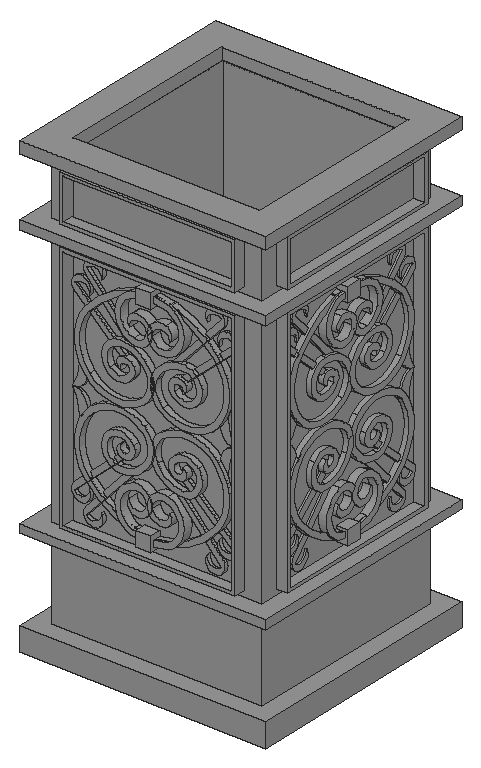
Revit family "Урна чугунная «Черниговская» Арт 15202", category Антураж, Revit 2018 (continued)
Automatic sketch dimensions
  Extrusion 27 sketch curve to Extrusion 27 sketch curve = 0.041 mm
  plane 6 to Extrusion 27 sketch curve = 280.08 mm
  Extrusion 27 sketch curve to Extrusion 27 sketch curve = 1.338 mm
  Extrusion 27 sketch curve to Extrusion 27 sketch curve = 6.679 mm
  plane 6 to Extrusion 27 sketch curve = 260.473 mm
  Extrusion 27 sketch curve to Extrusion 27 sketch curve = 15.967 mm
  Extrusion 27 sketch curve to Extrusion 27 sketch curve = 14.779 mm
  Extrusion 27 sketch curve to Extrusion 27 sketch curve = 1.986 mm
  Extrusion 27 sketch curve to Extrusion 27 sketch curve = 2.862 mm
  Extrusion 27 sketch curve to Extrusion 27 sketch curve = 6.452 mm
  Extrusion 27 sketch curve to Extrusion 27 sketch curve = 2.122 mm
  Extrusion 27 sketch curve to Extrusion 27 sketch curve = 7.192 mm
  Extrusion 27 sketch curve to Extrusion 27 sketch curve = 0.898 mm
  Extrusion 27 sketch curve to Extrusion 27 sketch curve = 8.092 mm
  Extrusion 27 sketch curve to Extrusion 27 sketch curve = 23.853 mm
  Extrusion 28 sketch curve to level = 220.915 mm
  plane 1 "По центру (Вперед/Назад)" to Extrusion 28 sketch curve = 202.5 mm
  Extrusion 28 sketch curve to Extrusion 28 sketch curve = 25 mm  (x2)
  Extrusion 29 sketch curve to Extrusion 29 sketch curve = 0 mm  (x11)
  Extrusion 29 sketch curve to level = 278.46 mm
  plane 1 "По центру (Вперед/Назад)" to Extrusion 29 sketch curve = 184.751 mm
  Extrusion 29 sketch curve to Extrusion 29 sketch curve = 0.633 mm
  Extrusion 29 sketch curve to Extrusion 29 sketch curve = 2.372 mm
  Extrusion 29 sketch curve to Extrusion 29 sketch curve = 5.824 mm
  Extrusion 29 sketch curve to Extrusion 29 sketch curve = 12.454 mm
  Extrusion 29 sketch curve to Extrusion 29 sketch curve = 29.04 mm
  Extrusion 29 sketch curve to Extrusion 29 sketch curve = 8.735 mm
  Extrusion 29 sketch curve to Extrusion 29 sketch curve = 0.042 mm
  Extrusion 29 sketch curve to Extrusion 29 sketch curve = 97.921 mm
  Extrusion 29 sketch curve to Extrusion 29 sketch curve = 6.282 mm
  Extrusion 29 sketch curve to Extrusion 29 sketch curve = 34.487 mm
  Extrusion 29 sketch curve to Extrusion 29 sketch curve = 9.617 mm
  Extrusion 29 sketch curve to Extrusion 29 sketch curve = 10.522 mm
  Extrusion 29 sketch curve to Extrusion 29 sketch curve = 5.369 mm
  Extrusion 29 sketch curve to Extrusion 29 sketch curve = 3.121 mm
  Extrusion 29 sketch curve to Extrusion 29 sketch curve = 11.723 mm
  Extrusion 30 sketch curve to Extrusion 30 sketch curve = 0 mm  (x25)
  Extrusion 30 sketch curve to level = 345.807 mm
  plane 1 "По центру (Вперед/Назад)" to Extrusion 30 sketch curve = 149.753 mm
  Extrusion 30 sketch curve to Extrusion 30 sketch curve = 2.264 mm
  Extrusion 30 sketch curve to Extrusion 30 sketch curve = 2.333 mm
  Extrusion 30 sketch curve to Extrusion 30 sketch curve = 3.575 mm
  Extrusion 30 sketch curve to Extrusion 30 sketch curve = 4.351 mm
  Extrusion 30 sketch curve to Extrusion 30 sketch curve = 4.85 mm
  Extrusion 30 sketch curve to Extrusion 30 sketch curve = 3.57 mm
  Extrusion 30 sketch curve to Extrusion 30 sketch curve = 5.249 mm
  Extrusion 30 sketch curve to Extrusion 30 sketch curve = 43.828 mm
  Extrusion 30 sketch curve to Extrusion 30 sketch curve = 49.275 mm
  Extrusion 30 sketch curve to Extrusion 30 sketch curve = 3.4 mm
  Extrusion 30 sketch curve to Extrusion 30 sketch curve = 1.891 mm
  Extrusion 30 sketch curve to Extrusion 30 sketch curve = 2.121 mm
  Extrusion 30 sketch curve to Extrusion 30 sketch curve = 5.937 mm
  Extrusion 30 sketch curve to Extrusion 30 sketch curve = 10.303 mm
  Extrusion 30 sketch curve to Extrusion 30 sketch curve = 5.504 mm
  Extrusion 30 sketch curve to Extrusion 30 sketch curve = 17.549 mm
  Extrusion 30 sketch curve to Extrusion 30 sketch curve = 11.113 mm
  Extrusion 30 sketch curve to Extrusion 30 sketch curve = 100.401 mm
  Extrusion 30 sketch curve to Extrusion 30 sketch curve = 9.617 mm
  Extrusion 30 sketch curve to Extrusion 30 sketch curve = 15.274 mm
  Extrusion 30 sketch curve to Extrusion 30 sketch curve = 7.441 mm
  Extrusion 30 sketch curve to Extrusion 30 sketch curve = 27.201 mm
  Extrusion 30 sketch curve to Extrusion 30 sketch curve = 7.419 mm
  Extrusion 30 sketch curve to Extrusion 30 sketch curve = 3.617 mm
  Extrusion 30 sketch curve to Extrusion 30 sketch curve = 6.601 mm
  Extrusion 31 sketch curve to level = 378.319 mm
  plane 1 "По центру (Вперед/Назад)" to Extrusion 31 sketch curve = 9.083 mm
  Extrusion 31 sketch curve to level = 271.406 mm
  Extrusion 31 sketch curve to Extrusion 31 sketch curve = 61.176 mm
  Extrusion 31 sketch curve to Extrusion 31 sketch curve = 61.747 mm
  Extrusion 31 sketch curve to level = 260.329 mm
  Extrusion 31 sketch curve to Extrusion 31 sketch curve = 2.027 mm
  Extrusion 31 sketch curve to Extrusion 31 sketch curve = 13.364 mm
  Extrusion 31 sketch curve to Extrusion 31 sketch curve = 0.17 mm
  Extrusion 31 sketch curve to level = 241.214 mm
  Extrusion 31 sketch curve to Extrusion 31 sketch curve = 7.163 mm
  Extrusion 31 sketch curve to level = 229.324 mm
  Extrusion 31 sketch curve to Extrusion 31 sketch curve = 2.182 mm
  Extrusion 31 sketch curve to Extrusion 31 sketch curve = 12.798 mm
  Extrusion 31 sketch curve to Extrusion 31 sketch curve = 0.736 mm
  Extrusion 31 sketch curve to level = 344.271 mm
  Extrusion 31 sketch curve to Extrusion 31 sketch curve = 80.062 mm
  Extrusion 31 sketch curve to Extrusion 31 sketch curve = 4.7 mm
  Extrusion 31 sketch curve to Extrusion 31 sketch curve = 8.308 mm
  Extrusion 31 sketch curve to level = 317.053 mm
  Extrusion 31 sketch curve to Extrusion 31 sketch curve = 0.041 mm
  Extrusion 31 sketch curve to level = 340.08 mm
  Extrusion 31 sketch curve to Extrusion 31 sketch curve = 1.338 mm
  Extrusion 31 sketch curve to Extrusion 31 sketch curve = 6.679 mm
  Extrusion 31 sketch curve to level = 320.473 mm
  Extrusion 31 sketch curve to Extrusion 31 sketch curve = 15.967 mm
  Extrusion 31 sketch curve to Extrusion 31 sketch curve = 14.779 mm
  Extrusion 31 sketch curve to Extrusion 31 sketch curve = 1.986 mm
  Extrusion 31 sketch curve to Extrusion 31 sketch curve = 2.862 mm
  Extrusion 31 sketch curve to Extrusion 31 sketch curve = 6.452 mm
  Extrusion 31 sketch curve to Extrusion 31 sketch curve = 2.122 mm
  Extrusion 31 sketch curve to Extrusion 31 sketch curve = 7.192 mm
  Extrusion 31 sketch curve to Extrusion 31 sketch curve = 0.898 mm
  Extrusion 31 sketch curve to Extrusion 31 sketch curve = 8.092 mm
  Extrusion 31 sketch curve to Extrusion 31 sketch curve = 23.853 mm
  Extrusion 32 sketch curve to Extrusion 32 sketch curve = 0 mm  (x11)
  level to Extrusion 32 sketch curve = 278.46 mm
  Extrusion 32 sketch curve to plane 1 "По центру (Вперед/Назад)" = 230.249 mm
  Extrusion 32 sketch curve to Extrusion 32 sketch curve = 0.633 mm
  Extrusion 32 sketch curve to Extrusion 32 sketch curve = 2.372 mm
  Extrusion 32 sketch curve to Extrusion 32 sketch curve = 5.824 mm
  Extrusion 32 sketch curve to Extrusion 32 sketch curve = 12.454 mm
  Extrusion 32 sketch curve to Extrusion 32 sketch curve = 29.04 mm
  Extrusion 32 sketch curve to Extrusion 32 sketch curve = 8.735 mm
  Extrusion 32 sketch curve to Extrusion 32 sketch curve = 0.042 mm
  Extrusion 32 sketch curve to Extrusion 32 sketch curve = 97.921 mm
  Extrusion 32 sketch curve to Extrusion 32 sketch curve = 6.282 mm
  Extrusion 32 sketch curve to Extrusion 32 sketch curve = 34.487 mm
  Extrusion 32 sketch curve to Extrusion 32 sketch curve = 9.617 mm
  Extrusion 32 sketch curve to Extrusion 32 sketch curve = 10.522 mm
  Extrusion 32 sketch curve to Extrusion 32 sketch curve = 5.369 mm
  Extrusion 32 sketch curve to Extrusion 32 sketch curve = 3.121 mm
  Extrusion 32 sketch curve to Extrusion 32 sketch curve = 11.723 mm
  Extrusion 33 sketch curve to Extrusion 33 sketch curve = 0 mm  (x25)
  level to Extrusion 33 sketch curve = 345.807 mm
  Extrusion 33 sketch curve to plane 1 "По центру (Вперед/Назад)" = 265.247 mm
  Extrusion 33 sketch curve to Extrusion 33 sketch curve = 2.264 mm
  Extrusion 33 sketch curve to Extrusion 33 sketch curve = 2.333 mm
  Extrusion 33 sketch curve to Extrusion 33 sketch curve = 3.575 mm
  Extrusion 33 sketch curve to Extrusion 33 sketch curve = 4.351 mm
  Extrusion 33 sketch curve to Extrusion 33 sketch curve = 4.85 mm
  Extrusion 33 sketch curve to Extrusion 33 sketch curve = 3.57 mm
  Extrusion 33 sketch curve to Extrusion 33 sketch curve = 5.249 mm
  Extrusion 33 sketch curve to Extrusion 33 sketch curve = 43.828 mm
  Extrusion 33 sketch curve to Extrusion 33 sketch curve = 49.275 mm
  Extrusion 33 sketch curve to Extrusion 33 sketch curve = 3.4 mm
  Extrusion 33 sketch curve to Extrusion 33 sketch curve = 1.891 mm
  Extrusion 33 sketch curve to Extrusion 33 sketch curve = 2.121 mm
  Extrusion 33 sketch curve to Extrusion 33 sketch curve = 5.937 mm
  Extrusion 33 sketch curve to Extrusion 33 sketch curve = 10.303 mm
  Extrusion 33 sketch curve to Extrusion 33 sketch curve = 5.504 mm
  Extrusion 33 sketch curve to Extrusion 33 sketch curve = 17.549 mm
  Extrusion 33 sketch curve to Extrusion 33 sketch curve = 11.113 mm
  Extrusion 33 sketch curve to Extrusion 33 sketch curve = 100.401 mm
  Extrusion 33 sketch curve to Extrusion 33 sketch curve = 9.617 mm
  Extrusion 33 sketch curve to Extrusion 33 sketch curve = 15.274 mm
  Extrusion 33 sketch curve to Extrusion 33 sketch curve = 7.441 mm
  Extrusion 33 sketch curve to Extrusion 33 sketch curve = 27.201 mm
  Extrusion 33 sketch curve to Extrusion 33 sketch curve = 7.419 mm
  Extrusion 33 sketch curve to Extrusion 33 sketch curve = 3.617 mm
  Extrusion 33 sketch curve to Extrusion 33 sketch curve = 6.601 mm
  level to Extrusion 34 sketch curve = 378.319 mm
  Extrusion 34 sketch curve to plane 1 "По центру (Вперед/Назад)" = 405.917 mm
  level to Extrusion 34 sketch curve = 271.406 mm
  Extrusion 34 sketch curve to Extrusion 34 sketch curve = 61.176 mm
  Extrusion 34 sketch curve to Extrusion 34 sketch curve = 61.747 mm
  level to Extrusion 34 sketch curve = 260.329 mm
  Extrusion 34 sketch curve to Extrusion 34 sketch curve = 2.027 mm
  Extrusion 34 sketch curve to Extrusion 34 sketch curve = 13.364 mm
  Extrusion 34 sketch curve to Extrusion 34 sketch curve = 0.17 mm
  level to Extrusion 34 sketch curve = 241.214 mm
  Extrusion 34 sketch curve to Extrusion 34 sketch curve = 7.163 mm
  level to Extrusion 34 sketch curve = 229.324 mm
  Extrusion 34 sketch curve to Extrusion 34 sketch curve = 2.182 mm
  Extrusion 34 sketch curve to Extrusion 34 sketch curve = 12.798 mm
  Extrusion 34 sketch curve to Extrusion 34 sketch curve = 0.736 mm
  level to Extrusion 34 sketch curve = 344.271 mm
  Extrusion 34 sketch curve to Extrusion 34 sketch curve = 80.062 mm
  Extrusion 34 sketch curve to Extrusion 34 sketch curve = 4.7 mm
  Extrusion 34 sketch curve to Extrusion 34 sketch curve = 8.308 mm
  level to Extrusion 34 sketch curve = 317.053 mm
  Extrusion 34 sketch curve to Extrusion 34 sketch curve = 0.041 mm
  level to Extrusion 34 sketch curve = 340.08 mm
  Extrusion 34 sketch curve to Extrusion 34 sketch curve = 1.338 mm
  Extrusion 34 sketch curve to Extrusion 34 sketch curve = 6.679 mm
  level to Extrusion 34 sketch curve = 320.473 mm
  Extrusion 34 sketch curve to Extrusion 34 sketch curve = 15.967 mm
  Extrusion 34 sketch curve to Extrusion 34 sketch curve = 14.779 mm
  Extrusion 34 sketch curve to Extrusion 34 sketch curve = 1.986 mm
  Extrusion 34 sketch curve to Extrusion 34 sketch curve = 2.862 mm
  Extrusion 34 sketch curve to Extrusion 34 sketch curve = 6.452 mm
  Extrusion 34 sketch curve to Extrusion 34 sketch curve = 2.122 mm
  Extrusion 34 sketch curve to Extrusion 34 sketch curve = 7.192 mm
  Extrusion 34 sketch curve to Extrusion 34 sketch curve = 0.898 mm
  Extrusion 34 sketch curve to Extrusion 34 sketch curve = 8.092 mm
  Extrusion 34 sketch curve to Extrusion 34 sketch curve = 23.853 mm
  Extrusion 35 sketch curve to plane 5 = 60 mm  (x2)
  Extrusion 35 sketch curve to Extrusion 35 sketch curve = 5 mm  (x8)
  Extrusion 35 sketch curve to plane 1 "По центру (Вперед/Назад)" = 65 mm  (x2)
  level to Extrusion 35 sketch curve = 205 mm
  Extrusion 35 sketch curve to plane 6 = 150 mm
  Extrusion 35 sketch curve to Extrusion 35 sketch curve = 35 mm
  Extrusion 35 sketch curve to plane 6 = 35 mm
  Extrusion 36 sketch curve to plane 5 = 202.5 mm
  Extrusion 36 sketch curve to Extrusion 36 sketch curve = 25 mm  (x2)
  Extrusion 36 sketch curve to plane 6 = 185.915 mm
  Extrusion 37 sketch curve to Extrusion 37 sketch curve = 0 mm  (x11)
  Extrusion 37 sketch curve to plane 5 = 184.751 mm
  Extrusion 37 sketch curve to Extrusion 37 sketch curve = 0.633 mm
  Extrusion 37 sketch curve to Extrusion 37 sketch curve = 2.372 mm
  Extrusion 37 sketch curve to Extrusion 37 sketch curve = 5.824 mm
  Extrusion 37 sketch curve to Extrusion 37 sketch curve = 12.454 mm
  Extrusion 37 sketch curve to Extrusion 37 sketch curve = 29.04 mm
  Extrusion 37 sketch curve to plane 6 = 325.117 mm
  Extrusion 37 sketch curve to Extrusion 37 sketch curve = 97.879 mm
  Extrusion 37 sketch curve to Extrusion 37 sketch curve = 0.042 mm
  Extrusion 37 sketch curve to Extrusion 37 sketch curve = 8.778 mm
  Extrusion 37 sketch curve to Extrusion 37 sketch curve = 6.282 mm
  Extrusion 37 sketch curve to Extrusion 37 sketch curve = 34.487 mm
  Extrusion 37 sketch curve to Extrusion 37 sketch curve = 9.617 mm
  Extrusion 37 sketch curve to Extrusion 37 sketch curve = 10.522 mm
  Extrusion 37 sketch curve to Extrusion 37 sketch curve = 5.369 mm
  Extrusion 37 sketch curve to Extrusion 37 sketch curve = 3.121 mm
  Extrusion 37 sketch curve to Extrusion 37 sketch curve = 11.723 mm
  Extrusion 38 sketch curve to Extrusion 38 sketch curve = 0 mm  (x25)
  Extrusion 38 sketch curve to plane 5 = 149.753 mm
  Extrusion 38 sketch curve to Extrusion 38 sketch curve = 2.264 mm
  Extrusion 38 sketch curve to Extrusion 38 sketch curve = 2.333 mm
  Extrusion 38 sketch curve to Extrusion 38 sketch curve = 3.575 mm
  Extrusion 38 sketch curve to Extrusion 38 sketch curve = 4.351 mm
  Extrusion 38 sketch curve to Extrusion 38 sketch curve = 4.85 mm
  Extrusion 38 sketch curve to Extrusion 38 sketch curve = 3.57 mm
  Extrusion 38 sketch curve to Extrusion 38 sketch curve = 5.249 mm
  Extrusion 38 sketch curve to Extrusion 38 sketch curve = 43.828 mm
  Extrusion 38 sketch curve to Extrusion 38 sketch curve = 49.275 mm
  Extrusion 38 sketch curve to plane 6 = 325.117 mm
  Extrusion 38 sketch curve to Extrusion 38 sketch curve = 12.045 mm
  Extrusion 38 sketch curve to Extrusion 38 sketch curve = 5.504 mm
  Extrusion 38 sketch curve to Extrusion 38 sketch curve = 10.303 mm
  Extrusion 38 sketch curve to Extrusion 38 sketch curve = 5.937 mm
  Extrusion 38 sketch curve to Extrusion 38 sketch curve = 0.23 mm
  Extrusion 38 sketch curve to Extrusion 38 sketch curve = 1.891 mm
  Extrusion 38 sketch curve to Extrusion 38 sketch curve = 3.4 mm
  Extrusion 38 sketch curve to Extrusion 38 sketch curve = 11.113 mm
  Extrusion 38 sketch curve to Extrusion 38 sketch curve = 100.401 mm
  Extrusion 38 sketch curve to Extrusion 38 sketch curve = 9.617 mm
  Extrusion 38 sketch curve to Extrusion 38 sketch curve = 15.274 mm
  Extrusion 38 sketch curve to Extrusion 38 sketch curve = 7.441 mm
  Extrusion 38 sketch curve to Extrusion 38 sketch curve = 27.201 mm
  Extrusion 38 sketch curve to Extrusion 38 sketch curve = 7.419 mm
  Extrusion 38 sketch curve to Extrusion 38 sketch curve = 3.617 mm
  Extrusion 38 sketch curve to Extrusion 38 sketch curve = 6.601 mm
  Extrusion 39 sketch curve to plane 5 = 9.083 mm
  Extrusion 39 sketch curve to plane 5 = 70.26 mm
  Extrusion 39 sketch curve to Extrusion 39 sketch curve = 61.747 mm
  Extrusion 39 sketch curve to Extrusion 39 sketch curve = 2.027 mm
  Extrusion 39 sketch curve to Extrusion 39 sketch curve = 13.364 mm
  Extrusion 39 sketch curve to Extrusion 39 sketch curve = 0.17 mm
  Extrusion 39 sketch curve to Extrusion 39 sketch curve = 7.163 mm
  Extrusion 39 sketch curve to Extrusion 39 sketch curve = 2.182 mm
  Extrusion 39 sketch curve to Extrusion 39 sketch curve = 12.798 mm
  Extrusion 39 sketch curve to Extrusion 39 sketch curve = 0.736 mm
  Extrusion 39 sketch curve to Extrusion 39 sketch curve = 80.062 mm
  Extrusion 39 sketch curve to Extrusion 39 sketch curve = 4.7 mm
  Extrusion 39 sketch curve to Extrusion 39 sketch curve = 8.308 mm
  Extrusion 39 sketch curve to Extrusion 39 sketch curve = 0.041 mm
  Extrusion 39 sketch curve to Extrusion 39 sketch curve = 1.338 mm
  Extrusion 39 sketch curve to Extrusion 39 sketch curve = 6.679 mm
  Extrusion 39 sketch curve to Extrusion 39 sketch curve = 15.967 mm
  Extrusion 39 sketch curve to plane 6 = 333.098 mm
  Extrusion 39 sketch curve to Extrusion 39 sketch curve = 14.779 mm
  Extrusion 39 sketch curve to Extrusion 39 sketch curve = 20.026 mm
  Extrusion 39 sketch curve to Extrusion 39 sketch curve = 15.807 mm
  Extrusion 39 sketch curve to Extrusion 39 sketch curve = 12.994 mm
  Extrusion 39 sketch curve to Extrusion 39 sketch curve = 1.986 mm
  Extrusion 39 sketch curve to Extrusion 39 sketch curve = 17.621 mm
  Extrusion 39 sketch curve to Extrusion 39 sketch curve = 45.647 mm
  Extrusion 39 sketch curve to Extrusion 39 sketch curve = 2.862 mm
  Extrusion 39 sketch curve to Extrusion 39 sketch curve = 6.452 mm
  Extrusion 39 sketch curve to Extrusion 39 sketch curve = 11.077 mm
  Extrusion 39 sketch curve to Extrusion 39 sketch curve = 20.878 mm
  Extrusion 39 sketch curve to Extrusion 39 sketch curve = 2.122 mm
  Extrusion 39 sketch curve to Extrusion 39 sketch curve = 7.192 mm
  Extrusion 39 sketch curve to Extrusion 39 sketch curve = 2.576 mm
  Extrusion 39 sketch curve to Extrusion 39 sketch curve = 0.898 mm
  Extrusion 39 sketch curve to Extrusion 39 sketch curve = 8.092 mm
  Extrusion 39 sketch curve to Extrusion 39 sketch curve = 23.853 mm
  Extrusion 40 sketch curve to Extrusion 40 sketch curve = 0 mm  (x11)
  Extrusion 40 sketch curve to plane 1 "По центру (Вперед/Назад)" = 184.751 mm
  Extrusion 40 sketch curve to Extrusion 40 sketch curve = 0.633 mm
  Extrusion 40 sketch curve to Extrusion 40 sketch curve = 2.372 mm
  Extrusion 40 sketch curve to Extrusion 40 sketch curve = 5.824 mm
  Extrusion 40 sketch curve to Extrusion 40 sketch curve = 12.454 mm
  Extrusion 40 sketch curve to Extrusion 40 sketch curve = 29.04 mm
  Extrusion 40 sketch curve to plane 6 = 168.076 mm
  Extrusion 40 sketch curve to Extrusion 40 sketch curve = 9.617 mm
  Extrusion 40 sketch curve to Extrusion 40 sketch curve = 34.487 mm
  Extrusion 40 sketch curve to Extrusion 40 sketch curve = 6.282 mm
  Extrusion 40 sketch curve to Extrusion 40 sketch curve = 8.735 mm
  Extrusion 40 sketch curve to Extrusion 40 sketch curve = 0.042 mm
  Extrusion 40 sketch curve to Extrusion 40 sketch curve = 97.921 mm
  Extrusion 40 sketch curve to Extrusion 40 sketch curve = 10.522 mm
  Extrusion 40 sketch curve to Extrusion 40 sketch curve = 5.369 mm
  Extrusion 40 sketch curve to Extrusion 40 sketch curve = 3.121 mm
  Extrusion 40 sketch curve to Extrusion 40 sketch curve = 11.723 mm
  Extrusion 41 sketch curve to Extrusion 41 sketch curve = 0 mm  (x25)
  Extrusion 41 sketch curve to plane 1 "По центру (Вперед/Назад)" = 149.753 mm
  Extrusion 41 sketch curve to Extrusion 41 sketch curve = 2.264 mm
  Extrusion 41 sketch curve to Extrusion 41 sketch curve = 2.333 mm
  Extrusion 41 sketch curve to Extrusion 41 sketch curve = 3.575 mm
  Extrusion 41 sketch curve to Extrusion 41 sketch curve = 4.351 mm
  Extrusion 41 sketch curve to Extrusion 41 sketch curve = 4.85 mm
  Extrusion 41 sketch curve to Extrusion 41 sketch curve = 3.57 mm
  Extrusion 41 sketch curve to Extrusion 41 sketch curve = 5.249 mm
  Extrusion 41 sketch curve to Extrusion 41 sketch curve = 43.828 mm
  Extrusion 41 sketch curve to Extrusion 41 sketch curve = 49.275 mm
  Extrusion 41 sketch curve to plane 6 = 168.076 mm
  Extrusion 41 sketch curve to Extrusion 41 sketch curve = 9.617 mm
  Extrusion 41 sketch curve to Extrusion 41 sketch curve = 100.401 mm
  Extrusion 41 sketch curve to Extrusion 41 sketch curve = 7.713 mm
  Extrusion 41 sketch curve to Extrusion 41 sketch curve = 3.4 mm
  Extrusion 41 sketch curve to Extrusion 41 sketch curve = 1.891 mm
  Extrusion 41 sketch curve to Extrusion 41 sketch curve = 2.121 mm
  Extrusion 41 sketch curve to Extrusion 41 sketch curve = 5.937 mm
  Extrusion 41 sketch curve to Extrusion 41 sketch curve = 10.303 mm
  Extrusion 41 sketch curve to Extrusion 41 sketch curve = 5.504 mm
  Extrusion 41 sketch curve to Extrusion 41 sketch curve = 17.549 mm
  Extrusion 41 sketch curve to Extrusion 41 sketch curve = 15.274 mm
  Extrusion 41 sketch curve to Extrusion 41 sketch curve = 7.441 mm
  Extrusion 41 sketch curve to Extrusion 41 sketch curve = 27.201 mm
  Extrusion 41 sketch curve to Extrusion 41 sketch curve = 7.419 mm
  Extrusion 41 sketch curve to Extrusion 41 sketch curve = 3.617 mm
  Extrusion 41 sketch curve to Extrusion 41 sketch curve = 6.601 mm
  Extrusion 42 sketch curve to plane 1 "По центру (Вперед/Назад)" = 9.083 mm
  Extrusion 42 sketch curve to plane 1 "По центру (Вперед/Назад)" = 70.26 mm
  Extrusion 42 sketch curve to Extrusion 42 sketch curve = 61.747 mm
  Extrusion 42 sketch curve to Extrusion 42 sketch curve = 2.027 mm
  Extrusion 42 sketch curve to Extrusion 42 sketch curve = 13.364 mm
  Extrusion 42 sketch curve to Extrusion 42 sketch curve = 0.17 mm
  Extrusion 42 sketch curve to Extrusion 42 sketch curve = 7.163 mm
  Extrusion 42 sketch curve to Extrusion 42 sketch curve = 2.182 mm
  Extrusion 42 sketch curve to Extrusion 42 sketch curve = 12.798 mm
  Extrusion 42 sketch curve to Extrusion 42 sketch curve = 0.736 mm
  Extrusion 42 sketch curve to Extrusion 42 sketch curve = 80.062 mm
  Extrusion 42 sketch curve to Extrusion 42 sketch curve = 4.7 mm
  Extrusion 42 sketch curve to Extrusion 42 sketch curve = 8.308 mm
  Extrusion 42 sketch curve to Extrusion 42 sketch curve = 0.041 mm
  Extrusion 42 sketch curve to Extrusion 42 sketch curve = 1.338 mm
  Extrusion 42 sketch curve to Extrusion 42 sketch curve = 6.679 mm
  Extrusion 42 sketch curve to Extrusion 42 sketch curve = 15.967 mm
  Extrusion 42 sketch curve to plane 6 = 169.324 mm
  Extrusion 42 sketch curve to Extrusion 42 sketch curve = 2.576 mm
  Extrusion 42 sketch curve to Extrusion 42 sketch curve = 7.192 mm
  Extrusion 42 sketch curve to Extrusion 42 sketch curve = 11.89 mm
  Extrusion 42 sketch curve to Extrusion 42 sketch curve = 19.116 mm
  Extrusion 42 sketch curve to Extrusion 42 sketch curve = 1.762 mm
  Extrusion 42 sketch curve to Extrusion 42 sketch curve = 6.452 mm
  Extrusion 42 sketch curve to Extrusion 42 sketch curve = 11.077 mm
  Extrusion 42 sketch curve to Extrusion 42 sketch curve = 45.647 mm
  Extrusion 42 sketch curve to Extrusion 42 sketch curve = 3.42 mm
  Extrusion 42 sketch curve to Extrusion 42 sketch curve = 21.041 mm
  Extrusion 42 sketch curve to Extrusion 42 sketch curve = 1.986 mm
  Extrusion 42 sketch curve to Extrusion 42 sketch curve = 6.177 mm
  Extrusion 42 sketch curve to Extrusion 42 sketch curve = 106.913 mm
  Extrusion 42 sketch curve to Extrusion 42 sketch curve = 14.779 mm
  Extrusion 42 sketch curve to Extrusion 42 sketch curve = 0.898 mm
  Extrusion 42 sketch curve to Extrusion 42 sketch curve = 8.092 mm
  Extrusion 42 sketch curve to Extrusion 42 sketch curve = 23.853 mm
  Extrusion 43 sketch curve to plane 5 = 202.5 mm
  Extrusion 43 sketch curve to Extrusion 43 sketch curve = 25 mm  (x2)
  level to Extrusion 43 sketch curve = 220.915 mm
  Extrusion 44 sketch curve to Extrusion 44 sketch curve = 0 mm  (x11)
  Extrusion 44 sketch curve to plane 5 = 184.751 mm
  Extrusion 44 sketch curve to Extrusion 44 sketch curve = 0.633 mm
  Extrusion 44 sketch curve to Extrusion 44 sketch curve = 2.372 mm
  Extrusion 44 sketch curve to Extrusion 44 sketch curve = 5.824 mm
  Extrusion 44 sketch curve to Extrusion 44 sketch curve = 12.454 mm
  Extrusion 44 sketch curve to Extrusion 44 sketch curve = 29.04 mm
  level to Extrusion 44 sketch curve = 228.076 mm
  Extrusion 44 sketch curve to Extrusion 44 sketch curve = 9.617 mm
  Extrusion 44 sketch curve to Extrusion 44 sketch curve = 34.487 mm
  Extrusion 44 sketch curve to Extrusion 44 sketch curve = 6.282 mm
  Extrusion 44 sketch curve to Extrusion 44 sketch curve = 8.735 mm
  Extrusion 44 sketch curve to Extrusion 44 sketch curve = 0.042 mm
  Extrusion 44 sketch curve to Extrusion 44 sketch curve = 97.921 mm
  Extrusion 44 sketch curve to Extrusion 44 sketch curve = 10.522 mm
  Extrusion 44 sketch curve to Extrusion 44 sketch curve = 5.369 mm
  Extrusion 44 sketch curve to Extrusion 44 sketch curve = 3.121 mm
  Extrusion 44 sketch curve to Extrusion 44 sketch curve = 11.723 mm
  Extrusion 45 sketch curve to Extrusion 45 sketch curve = 0 mm  (x25)
  Extrusion 45 sketch curve to plane 5 = 149.753 mm
  Extrusion 45 sketch curve to Extrusion 45 sketch curve = 2.264 mm
  Extrusion 45 sketch curve to Extrusion 45 sketch curve = 2.333 mm
  Extrusion 45 sketch curve to Extrusion 45 sketch curve = 3.575 mm
  Extrusion 45 sketch curve to Extrusion 45 sketch curve = 4.351 mm
  Extrusion 45 sketch curve to Extrusion 45 sketch curve = 4.85 mm
  Extrusion 45 sketch curve to Extrusion 45 sketch curve = 3.57 mm
  Extrusion 45 sketch curve to Extrusion 45 sketch curve = 5.249 mm
  Extrusion 45 sketch curve to Extrusion 45 sketch curve = 43.828 mm
  Extrusion 45 sketch curve to Extrusion 45 sketch curve = 49.275 mm
  level to Extrusion 45 sketch curve = 228.076 mm
  Extrusion 45 sketch curve to Extrusion 45 sketch curve = 9.617 mm
  Extrusion 45 sketch curve to Extrusion 45 sketch curve = 100.401 mm
  Extrusion 45 sketch curve to Extrusion 45 sketch curve = 7.713 mm
  Extrusion 45 sketch curve to Extrusion 45 sketch curve = 3.4 mm
  Extrusion 45 sketch curve to Extrusion 45 sketch curve = 1.891 mm
  Extrusion 45 sketch curve to Extrusion 45 sketch curve = 2.121 mm
  Extrusion 45 sketch curve to Extrusion 45 sketch curve = 5.937 mm
  Extrusion 45 sketch curve to Extrusion 45 sketch curve = 10.303 mm
  Extrusion 45 sketch curve to Extrusion 45 sketch curve = 5.504 mm
  Extrusion 45 sketch curve to Extrusion 45 sketch curve = 17.549 mm
  Extrusion 45 sketch curve to Extrusion 45 sketch curve = 15.274 mm
  Extrusion 45 sketch curve to Extrusion 45 sketch curve = 7.441 mm
  Extrusion 45 sketch curve to Extrusion 45 sketch curve = 27.201 mm
  Extrusion 45 sketch curve to Extrusion 45 sketch curve = 7.419 mm
  Extrusion 45 sketch curve to Extrusion 45 sketch curve = 3.617 mm
  Extrusion 45 sketch curve to Extrusion 45 sketch curve = 6.601 mm
  Extrusion 46 sketch curve to plane 5 = 9.083 mm
  Extrusion 46 sketch curve to plane 5 = 70.26 mm
  Extrusion 46 sketch curve to Extrusion 46 sketch curve = 61.747 mm
  Extrusion 46 sketch curve to Extrusion 46 sketch curve = 2.027 mm
  Extrusion 46 sketch curve to Extrusion 46 sketch curve = 13.364 mm
  Extrusion 46 sketch curve to Extrusion 46 sketch curve = 0.17 mm
  Extrusion 46 sketch curve to Extrusion 46 sketch curve = 7.163 mm
  Extrusion 46 sketch curve to Extrusion 46 sketch curve = 2.182 mm
  Extrusion 46 sketch curve to Extrusion 46 sketch curve = 12.798 mm
  Extrusion 46 sketch curve to Extrusion 46 sketch curve = 0.736 mm
  Extrusion 46 sketch curve to Extrusion 46 sketch curve = 80.062 mm
  Extrusion 46 sketch curve to Extrusion 46 sketch curve = 4.7 mm
  Extrusion 46 sketch curve to Extrusion 46 sketch curve = 8.308 mm
  Extrusion 46 sketch curve to Extrusion 46 sketch curve = 0.041 mm
  Extrusion 46 sketch curve to Extrusion 46 sketch curve = 1.338 mm
  Extrusion 46 sketch curve to Extrusion 46 sketch curve = 6.679 mm
  Extrusion 46 sketch curve to Extrusion 46 sketch curve = 15.967 mm
  level to Extrusion 46 sketch curve = 229.324 mm
  Extrusion 46 sketch curve to Extrusion 46 sketch curve = 2.576 mm
  Extrusion 46 sketch curve to Extrusion 46 sketch curve = 7.192 mm
  Extrusion 46 sketch curve to Extrusion 46 sketch curve = 11.89 mm
  Extrusion 46 sketch curve to Extrusion 46 sketch curve = 19.116 mm
  Extrusion 46 sketch curve to Extrusion 46 sketch curve = 1.762 mm
  Extrusion 46 sketch curve to Extrusion 46 sketch curve = 6.452 mm
  Extrusion 46 sketch curve to Extrusion 46 sketch curve = 11.077 mm
  Extrusion 46 sketch curve to Extrusion 46 sketch curve = 45.647 mm
  Extrusion 46 sketch curve to Extrusion 46 sketch curve = 3.42 mm
  Extrusion 46 sketch curve to Extrusion 46 sketch curve = 21.041 mm
  Extrusion 46 sketch curve to Extrusion 46 sketch curve = 1.986 mm
  Extrusion 46 sketch curve to Extrusion 46 sketch curve = 6.177 mm
  Extrusion 46 sketch curve to Extrusion 46 sketch curve = 106.913 mm
  Extrusion 46 sketch curve to Extrusion 46 sketch curve = 14.779 mm
  Extrusion 46 sketch curve to Extrusion 46 sketch curve = 0.898 mm
  Extrusion 46 sketch curve to Extrusion 46 sketch curve = 8.092 mm
  Extrusion 46 sketch curve to Extrusion 46 sketch curve = 23.853 mm
  Extrusion 47 sketch curve to Extrusion 47 sketch curve = 0 mm  (x11)
  Extrusion 47 sketch curve to plane 1 "По центру (Вперед/Назад)" = 184.751 mm
  Extrusion 47 sketch curve to Extrusion 47 sketch curve = 0.633 mm
  Extrusion 47 sketch curve to Extrusion 47 sketch curve = 2.372 mm
  Extrusion 47 sketch curve to Extrusion 47 sketch curve = 5.824 mm
  Extrusion 47 sketch curve to Extrusion 47 sketch curve = 12.454 mm
  Extrusion 47 sketch curve to Extrusion 47 sketch curve = 29.04 mm
  level to Extrusion 47 sketch curve = 385.117 mm
  Extrusion 47 sketch curve to Extrusion 47 sketch curve = 97.879 mm
  Extrusion 47 sketch curve to Extrusion 47 sketch curve = 0.042 mm
  Extrusion 47 sketch curve to Extrusion 47 sketch curve = 8.778 mm
  Extrusion 47 sketch curve to Extrusion 47 sketch curve = 6.282 mm
  Extrusion 47 sketch curve to Extrusion 47 sketch curve = 34.487 mm
  Extrusion 47 sketch curve to Extrusion 47 sketch curve = 9.617 mm
  Extrusion 47 sketch curve to Extrusion 47 sketch curve = 10.522 mm
  Extrusion 47 sketch curve to Extrusion 47 sketch curve = 5.369 mm
  Extrusion 47 sketch curve to Extrusion 47 sketch curve = 3.121 mm
  Extrusion 47 sketch curve to Extrusion 47 sketch curve = 11.723 mm
  Extrusion 48 sketch curve to Extrusion 48 sketch curve = 0 mm  (x25)
  Extrusion 48 sketch curve to plane 1 "По центру (Вперед/Назад)" = 149.753 mm
  Extrusion 48 sketch curve to Extrusion 48 sketch curve = 2.264 mm
  Extrusion 48 sketch curve to Extrusion 48 sketch curve = 2.333 mm
  Extrusion 48 sketch curve to Extrusion 48 sketch curve = 3.575 mm
  Extrusion 48 sketch curve to Extrusion 48 sketch curve = 4.351 mm
  Extrusion 48 sketch curve to Extrusion 48 sketch curve = 4.85 mm
  Extrusion 48 sketch curve to Extrusion 48 sketch curve = 3.57 mm
  Extrusion 48 sketch curve to Extrusion 48 sketch curve = 5.249 mm
  Extrusion 48 sketch curve to Extrusion 48 sketch curve = 43.828 mm
  Extrusion 48 sketch curve to Extrusion 48 sketch curve = 49.275 mm
  level to Extrusion 48 sketch curve = 385.117 mm
  Extrusion 48 sketch curve to Extrusion 48 sketch curve = 12.045 mm
  Extrusion 48 sketch curve to Extrusion 48 sketch curve = 5.504 mm
  Extrusion 48 sketch curve to Extrusion 48 sketch curve = 10.303 mm
  Extrusion 48 sketch curve to Extrusion 48 sketch curve = 5.937 mm
  Extrusion 48 sketch curve to Extrusion 48 sketch curve = 0.23 mm
  Extrusion 48 sketch curve to Extrusion 48 sketch curve = 1.891 mm
  Extrusion 48 sketch curve to Extrusion 48 sketch curve = 3.4 mm
  Extrusion 48 sketch curve to Extrusion 48 sketch curve = 11.113 mm
  Extrusion 48 sketch curve to Extrusion 48 sketch curve = 100.401 mm
  Extrusion 48 sketch curve to Extrusion 48 sketch curve = 9.617 mm
  Extrusion 48 sketch curve to Extrusion 48 sketch curve = 15.274 mm
  Extrusion 48 sketch curve to Extrusion 48 sketch curve = 7.441 mm
  Extrusion 48 sketch curve to Extrusion 48 sketch curve = 27.201 mm
  Extrusion 48 sketch curve to Extrusion 48 sketch curve = 7.419 mm
  Extrusion 48 sketch curve to Extrusion 48 sketch curve = 3.617 mm
  Extrusion 48 sketch curve to Extrusion 48 sketch curve = 6.601 mm
  Extrusion 49 sketch curve to plane 1 "По центру (Вперед/Назад)" = 9.083 mm
  Extrusion 49 sketch curve to plane 1 "По центру (Вперед/Назад)" = 70.26 mm
  Extrusion 49 sketch curve to Extrusion 49 sketch curve = 61.747 mm
  Extrusion 49 sketch curve to Extrusion 49 sketch curve = 2.027 mm
  Extrusion 49 sketch curve to Extrusion 49 sketch curve = 13.364 mm
  Extrusion 49 sketch curve to Extrusion 49 sketch curve = 0.17 mm
  Extrusion 49 sketch curve to Extrusion 49 sketch curve = 7.163 mm
  Extrusion 49 sketch curve to Extrusion 49 sketch curve = 2.182 mm
  Extrusion 49 sketch curve to Extrusion 49 sketch curve = 12.798 mm
  Extrusion 49 sketch curve to Extrusion 49 sketch curve = 0.736 mm
  Extrusion 49 sketch curve to Extrusion 49 sketch curve = 80.062 mm
  Extrusion 49 sketch curve to Extrusion 49 sketch curve = 4.7 mm
  Extrusion 49 sketch curve to Extrusion 49 sketch curve = 8.308 mm
  Extrusion 49 sketch curve to Extrusion 49 sketch curve = 0.041 mm
  Extrusion 49 sketch curve to Extrusion 49 sketch curve = 1.338 mm
  Extrusion 49 sketch curve to Extrusion 49 sketch curve = 6.679 mm
  Extrusion 49 sketch curve to Extrusion 49 sketch curve = 15.967 mm
  Extrusion 49 sketch curve to plane 6 = 381.902 mm
  Extrusion 49 sketch curve to Extrusion 49 sketch curve = 14.779 mm
  Extrusion 49 sketch curve to Extrusion 49 sketch curve = 20.026 mm
  Extrusion 49 sketch curve to Extrusion 49 sketch curve = 15.807 mm
  Extrusion 49 sketch curve to Extrusion 49 sketch curve = 12.994 mm
  Extrusion 49 sketch curve to Extrusion 49 sketch curve = 1.986 mm
  Extrusion 49 sketch curve to Extrusion 49 sketch curve = 17.621 mm
  Extrusion 49 sketch curve to Extrusion 49 sketch curve = 45.647 mm
  Extrusion 49 sketch curve to Extrusion 49 sketch curve = 2.862 mm
  Extrusion 49 sketch curve to Extrusion 49 sketch curve = 6.452 mm
  Extrusion 49 sketch curve to Extrusion 49 sketch curve = 11.077 mm
  Extrusion 49 sketch curve to Extrusion 49 sketch curve = 20.878 mm
  Extrusion 49 sketch curve to Extrusion 49 sketch curve = 2.122 mm
  Extrusion 49 sketch curve to Extrusion 49 sketch curve = 7.192 mm
  Extrusion 49 sketch curve to Extrusion 49 sketch curve = 2.576 mm
  Extrusion 49 sketch curve to Extrusion 49 sketch curve = 0.898 mm
  Extrusion 49 sketch curve to Extrusion 49 sketch curve = 8.092 mm
  Extrusion 49 sketch curve to Extrusion 49 sketch curve = 23.853 mm
  Extrusion 50 sketch curve to plane 4 = 60 mm  (x2)
  Extrusion 50 sketch curve to Extrusion 50 sketch curve = 5 mm  (x8)
  plane 3 "По центру (Влево/Вправо)" to Extrusion 50 sketch curve = 65 mm  (x2)
  level to Extrusion 50 sketch curve = 205 mm
  Extrusion 50 sketch curve to plane 6 = 150 mm
  Extrusion 50 sketch curve to Extrusion 50 sketch curve = 35 mm
  Extrusion 50 sketch curve to plane 6 = 35 mm
  Extrusion 51 sketch curve to plane 4 = 202.5 mm
  Extrusion 51 sketch curve to Extrusion 51 sketch curve = 25 mm  (x2)
  Extrusion 51 sketch curve to plane 6 = 185.915 mm
  Extrusion 52 sketch curve to Extrusion 52 sketch curve = 0 mm  (x11)
  Extrusion 52 sketch curve to plane 4 = 184.751 mm
  Extrusion 52 sketch curve to Extrusion 52 sketch curve = 0.633 mm
  Extrusion 52 sketch curve to Extrusion 52 sketch curve = 2.372 mm
  Extrusion 52 sketch curve to Extrusion 52 sketch curve = 5.824 mm
  Extrusion 52 sketch curve to Extrusion 52 sketch curve = 12.454 mm
  Extrusion 52 sketch curve to Extrusion 52 sketch curve = 29.04 mm
  Extrusion 52 sketch curve to plane 6 = 325.117 mm
  Extrusion 52 sketch curve to Extrusion 52 sketch curve = 97.879 mm
  Extrusion 52 sketch curve to Extrusion 52 sketch curve = 0.042 mm
  Extrusion 52 sketch curve to Extrusion 52 sketch curve = 8.778 mm
  Extrusion 52 sketch curve to Extrusion 52 sketch curve = 6.282 mm
  Extrusion 52 sketch curve to Extrusion 52 sketch curve = 34.487 mm
  Extrusion 52 sketch curve to Extrusion 52 sketch curve = 9.617 mm
  Extrusion 52 sketch curve to Extrusion 52 sketch curve = 10.522 mm
  Extrusion 52 sketch curve to Extrusion 52 sketch curve = 5.369 mm
  Extrusion 52 sketch curve to Extrusion 52 sketch curve = 3.121 mm
  Extrusion 52 sketch curve to Extrusion 52 sketch curve = 11.723 mm
  Extrusion 53 sketch curve to Extrusion 53 sketch curve = 0 mm  (x25)
  Extrusion 53 sketch curve to plane 4 = 149.753 mm
  Extrusion 53 sketch curve to Extrusion 53 sketch curve = 2.264 mm
  Extrusion 53 sketch curve to Extrusion 53 sketch curve = 2.333 mm
  Extrusion 53 sketch curve to Extrusion 53 sketch curve = 3.575 mm
  Extrusion 53 sketch curve to Extrusion 53 sketch curve = 4.351 mm
  Extrusion 53 sketch curve to Extrusion 53 sketch curve = 4.85 mm
  Extrusion 53 sketch curve to Extrusion 53 sketch curve = 3.57 mm
  Extrusion 53 sketch curve to Extrusion 53 sketch curve = 5.249 mm
  Extrusion 53 sketch curve to Extrusion 53 sketch curve = 43.828 mm
  Extrusion 53 sketch curve to Extrusion 53 sketch curve = 49.275 mm
  Extrusion 53 sketch curve to plane 6 = 325.117 mm
  Extrusion 53 sketch curve to Extrusion 53 sketch curve = 12.045 mm
  Extrusion 53 sketch curve to Extrusion 53 sketch curve = 5.504 mm
  Extrusion 53 sketch curve to Extrusion 53 sketch curve = 10.303 mm
  Extrusion 53 sketch curve to Extrusion 53 sketch curve = 5.937 mm
  Extrusion 53 sketch curve to Extrusion 53 sketch curve = 0.23 mm
  Extrusion 53 sketch curve to Extrusion 53 sketch curve = 1.891 mm
  Extrusion 53 sketch curve to Extrusion 53 sketch curve = 3.4 mm
  Extrusion 53 sketch curve to Extrusion 53 sketch curve = 11.113 mm
  Extrusion 53 sketch curve to Extrusion 53 sketch curve = 100.401 mm
  Extrusion 53 sketch curve to Extrusion 53 sketch curve = 9.617 mm
  Extrusion 53 sketch curve to Extrusion 53 sketch curve = 15.274 mm
  Extrusion 53 sketch curve to Extrusion 53 sketch curve = 7.441 mm
  Extrusion 53 sketch curve to Extrusion 53 sketch curve = 27.201 mm
  Extrusion 53 sketch curve to Extrusion 53 sketch curve = 7.419 mm
  Extrusion 53 sketch curve to Extrusion 53 sketch curve = 3.617 mm
  Extrusion 53 sketch curve to Extrusion 53 sketch curve = 6.601 mm
  Extrusion 54 sketch curve to plane 4 = 9.083 mm
  Extrusion 54 sketch curve to plane 4 = 70.26 mm
  Extrusion 54 sketch curve to Extrusion 54 sketch curve = 61.747 mm
  Extrusion 54 sketch curve to Extrusion 54 sketch curve = 2.027 mm
  Extrusion 54 sketch curve to Extrusion 54 sketch curve = 13.364 mm
  Extrusion 54 sketch curve to Extrusion 54 sketch curve = 0.17 mm
  Extrusion 54 sketch curve to Extrusion 54 sketch curve = 7.163 mm
  Extrusion 54 sketch curve to Extrusion 54 sketch curve = 2.182 mm
  Extrusion 54 sketch curve to Extrusion 54 sketch curve = 12.798 mm
  Extrusion 54 sketch curve to Extrusion 54 sketch curve = 0.736 mm
  Extrusion 54 sketch curve to Extrusion 54 sketch curve = 80.062 mm
  Extrusion 54 sketch curve to Extrusion 54 sketch curve = 4.7 mm
  Extrusion 54 sketch curve to Extrusion 54 sketch curve = 8.308 mm
  Extrusion 54 sketch curve to Extrusion 54 sketch curve = 0.041 mm
  Extrusion 54 sketch curve to Extrusion 54 sketch curve = 1.338 mm
  Extrusion 54 sketch curve to Extrusion 54 sketch curve = 6.679 mm
  Extrusion 54 sketch curve to Extrusion 54 sketch curve = 15.967 mm
  Extrusion 54 sketch curve to plane 6 = 333.098 mm
  Extrusion 54 sketch curve to Extrusion 54 sketch curve = 14.779 mm
  Extrusion 54 sketch curve to Extrusion 54 sketch curve = 20.026 mm
  Extrusion 54 sketch curve to Extrusion 54 sketch curve = 15.807 mm
  Extrusion 54 sketch curve to Extrusion 54 sketch curve = 12.994 mm
  Extrusion 54 sketch curve to Extrusion 54 sketch curve = 1.986 mm
  Extrusion 54 sketch curve to Extrusion 54 sketch curve = 17.621 mm
  Extrusion 54 sketch curve to Extrusion 54 sketch curve = 45.647 mm
  Extrusion 54 sketch curve to Extrusion 54 sketch curve = 2.862 mm
  Extrusion 54 sketch curve to Extrusion 54 sketch curve = 6.452 mm
  Extrusion 54 sketch curve to Extrusion 54 sketch curve = 11.077 mm
  Extrusion 54 sketch curve to Extrusion 54 sketch curve = 20.878 mm
  Extrusion 54 sketch curve to Extrusion 54 sketch curve = 2.122 mm
  Extrusion 54 sketch curve to Extrusion 54 sketch curve = 7.192 mm
  Extrusion 54 sketch curve to Extrusion 54 sketch curve = 2.576 mm
  Extrusion 54 sketch curve to Extrusion 54 sketch curve = 0.898 mm
  Extrusion 54 sketch curve to Extrusion 54 sketch curve = 8.092 mm
  Extrusion 54 sketch curve to Extrusion 54 sketch curve = 23.853 mm
  Extrusion 55 sketch curve to Extrusion 55 sketch curve = 0 mm  (x11)
  plane 3 "По центру (Влево/Вправо)" to Extrusion 55 sketch curve = 184.751 mm
  Extrusion 55 sketch curve to Extrusion 55 sketch curve = 0.633 mm
  Extrusion 55 sketch curve to Extrusion 55 sketch curve = 2.372 mm
  Extrusion 55 sketch curve to Extrusion 55 sketch curve = 5.824 mm
  Extrusion 55 sketch curve to Extrusion 55 sketch curve = 12.454 mm
  Extrusion 55 sketch curve to Extrusion 55 sketch curve = 29.04 mm
  Extrusion 55 sketch curve to plane 6 = 168.076 mm
  Extrusion 55 sketch curve to Extrusion 55 sketch curve = 9.617 mm
  Extrusion 55 sketch curve to Extrusion 55 sketch curve = 34.487 mm
  Extrusion 55 sketch curve to Extrusion 55 sketch curve = 6.282 mm
  Extrusion 55 sketch curve to Extrusion 55 sketch curve = 8.735 mm
  Extrusion 55 sketch curve to Extrusion 55 sketch curve = 0.042 mm
  Extrusion 55 sketch curve to Extrusion 55 sketch curve = 97.921 mm
  Extrusion 55 sketch curve to Extrusion 55 sketch curve = 10.522 mm
  Extrusion 55 sketch curve to Extrusion 55 sketch curve = 5.369 mm
  Extrusion 55 sketch curve to Extrusion 55 sketch curve = 3.121 mm
  Extrusion 55 sketch curve to Extrusion 55 sketch curve = 11.723 mm
  Extrusion 56 sketch curve to Extrusion 56 sketch curve = 0 mm  (x25)
  plane 3 "По центру (Влево/Вправо)" to Extrusion 56 sketch curve = 149.753 mm
  Extrusion 56 sketch curve to Extrusion 56 sketch curve = 2.264 mm
  Extrusion 56 sketch curve to Extrusion 56 sketch curve = 2.333 mm
  Extrusion 56 sketch curve to Extrusion 56 sketch curve = 3.575 mm
  Extrusion 56 sketch curve to Extrusion 56 sketch curve = 4.351 mm
  Extrusion 56 sketch curve to Extrusion 56 sketch curve = 4.85 mm
  Extrusion 56 sketch curve to Extrusion 56 sketch curve = 3.57 mm
  Extrusion 56 sketch curve to Extrusion 56 sketch curve = 5.249 mm
  Extrusion 56 sketch curve to Extrusion 56 sketch curve = 43.828 mm
  Extrusion 56 sketch curve to Extrusion 56 sketch curve = 49.275 mm
  Extrusion 56 sketch curve to plane 6 = 168.076 mm
  Extrusion 56 sketch curve to Extrusion 56 sketch curve = 9.617 mm
  Extrusion 56 sketch curve to Extrusion 56 sketch curve = 100.401 mm
  Extrusion 56 sketch curve to Extrusion 56 sketch curve = 7.713 mm
  Extrusion 56 sketch curve to Extrusion 56 sketch curve = 3.4 mm
  Extrusion 56 sketch curve to Extrusion 56 sketch curve = 1.891 mm
  Extrusion 56 sketch curve to Extrusion 56 sketch curve = 2.121 mm
  Extrusion 56 sketch curve to Extrusion 56 sketch curve = 5.937 mm
  Extrusion 56 sketch curve to Extrusion 56 sketch curve = 10.303 mm
  Extrusion 56 sketch curve to Extrusion 56 sketch curve = 5.504 mm
  Extrusion 56 sketch curve to Extrusion 56 sketch curve = 17.549 mm
  Extrusion 56 sketch curve to Extrusion 56 sketch curve = 15.274 mm
  Extrusion 56 sketch curve to Extrusion 56 sketch curve = 7.441 mm
  Extrusion 56 sketch curve to Extrusion 56 sketch curve = 27.201 mm
  Extrusion 56 sketch curve to Extrusion 56 sketch curve = 7.419 mm
  Extrusion 56 sketch curve to Extrusion 56 sketch curve = 3.617 mm
  Extrusion 56 sketch curve to Extrusion 56 sketch curve = 6.601 mm
  plane 3 "По центру (Влево/Вправо)" to Extrusion 57 sketch curve = 9.083 mm
  plane 3 "По центру (Влево/Вправо)" to Extrusion 57 sketch curve = 70.26 mm
  Extrusion 57 sketch curve to Extrusion 57 sketch curve = 61.747 mm
  Extrusion 57 sketch curve to Extrusion 57 sketch curve = 2.027 mm
  Extrusion 57 sketch curve to Extrusion 57 sketch curve = 13.364 mm
  Extrusion 57 sketch curve to Extrusion 57 sketch curve = 0.17 mm
  Extrusion 57 sketch curve to Extrusion 57 sketch curve = 7.163 mm
  Extrusion 57 sketch curve to Extrusion 57 sketch curve = 2.182 mm
  Extrusion 57 sketch curve to Extrusion 57 sketch curve = 12.798 mm
  Extrusion 57 sketch curve to Extrusion 57 sketch curve = 0.736 mm
  Extrusion 57 sketch curve to Extrusion 57 sketch curve = 80.062 mm
  Extrusion 57 sketch curve to Extrusion 57 sketch curve = 4.7 mm
  Extrusion 57 sketch curve to Extrusion 57 sketch curve = 8.308 mm
  Extrusion 57 sketch curve to Extrusion 57 sketch curve = 0.041 mm
  Extrusion 57 sketch curve to Extrusion 57 sketch curve = 1.338 mm
  Extrusion 57 sketch curve to Extrusion 57 sketch curve = 6.679 mm
  Extrusion 57 sketch curve to Extrusion 57 sketch curve = 15.967 mm
  Extrusion 57 sketch curve to plane 6 = 169.324 mm
  Extrusion 57 sketch curve to Extrusion 57 sketch curve = 2.576 mm
  Extrusion 57 sketch curve to Extrusion 57 sketch curve = 7.192 mm
  Extrusion 57 sketch curve to Extrusion 57 sketch curve = 11.89 mm
  Extrusion 57 sketch curve to Extrusion 57 sketch curve = 19.116 mm
  Extrusion 57 sketch curve to Extrusion 57 sketch curve = 1.762 mm
  Extrusion 57 sketch curve to Extrusion 57 sketch curve = 6.452 mm
  Extrusion 57 sketch curve to Extrusion 57 sketch curve = 11.077 mm
  Extrusion 57 sketch curve to Extrusion 57 sketch curve = 45.647 mm
  Extrusion 57 sketch curve to Extrusion 57 sketch curve = 3.42 mm
  Extrusion 57 sketch curve to Extrusion 57 sketch curve = 21.041 mm
  Extrusion 57 sketch curve to Extrusion 57 sketch curve = 1.986 mm
  Extrusion 57 sketch curve to Extrusion 57 sketch curve = 6.177 mm
  Extrusion 57 sketch curve to Extrusion 57 sketch curve = 106.913 mm
  Extrusion 57 sketch curve to Extrusion 57 sketch curve = 14.779 mm
  Extrusion 57 sketch curve to Extrusion 57 sketch curve = 0.898 mm
  Extrusion 57 sketch curve to Extrusion 57 sketch curve = 8.092 mm
  Extrusion 57 sketch curve to Extrusion 57 sketch curve = 23.853 mm
  Extrusion 58 sketch curve to plane 4 = 202.5 mm
  Extrusion 58 sketch curve to Extrusion 58 sketch curve = 25 mm  (x2)
  level to Extrusion 58 sketch curve = 220.915 mm
  Extrusion 59 sketch curve to Extrusion 59 sketch curve = 0 mm  (x11)
  Extrusion 59 sketch curve to plane 4 = 184.751 mm
  Extrusion 59 sketch curve to Extrusion 59 sketch curve = 0.633 mm
  Extrusion 59 sketch curve to Extrusion 59 sketch curve = 2.372 mm
  Extrusion 59 sketch curve to Extrusion 59 sketch curve = 5.824 mm
  Extrusion 59 sketch curve to Extrusion 59 sketch curve = 12.454 mm
  Extrusion 59 sketch curve to Extrusion 59 sketch curve = 29.04 mm
  level to Extrusion 59 sketch curve = 228.076 mm
  Extrusion 59 sketch curve to Extrusion 59 sketch curve = 9.617 mm
  Extrusion 59 sketch curve to Extrusion 59 sketch curve = 34.487 mm
  Extrusion 59 sketch curve to Extrusion 59 sketch curve = 6.282 mm
  Extrusion 59 sketch curve to Extrusion 59 sketch curve = 8.735 mm
  Extrusion 59 sketch curve to Extrusion 59 sketch curve = 0.042 mm
  Extrusion 59 sketch curve to Extrusion 59 sketch curve = 97.921 mm
  Extrusion 59 sketch curve to Extrusion 59 sketch curve = 10.522 mm
  Extrusion 59 sketch curve to Extrusion 59 sketch curve = 5.369 mm
  Extrusion 59 sketch curve to Extrusion 59 sketch curve = 3.121 mm
  Extrusion 59 sketch curve to Extrusion 59 sketch curve = 11.723 mm
  Extrusion 60 sketch curve to Extrusion 60 sketch curve = 0 mm  (x25)
  Extrusion 60 sketch curve to plane 4 = 149.753 mm
  Extrusion 60 sketch curve to Extrusion 60 sketch curve = 2.264 mm
  Extrusion 60 sketch curve to Extrusion 60 sketch curve = 2.333 mm
  Extrusion 60 sketch curve to Extrusion 60 sketch curve = 3.575 mm
  Extrusion 60 sketch curve to Extrusion 60 sketch curve = 4.351 mm
  Extrusion 60 sketch curve to Extrusion 60 sketch curve = 4.85 mm
  Extrusion 60 sketch curve to Extrusion 60 sketch curve = 3.57 mm
  Extrusion 60 sketch curve to Extrusion 60 sketch curve = 5.249 mm
  Extrusion 60 sketch curve to Extrusion 60 sketch curve = 43.828 mm
  Extrusion 60 sketch curve to Extrusion 60 sketch curve = 49.275 mm
  level to Extrusion 60 sketch curve = 228.076 mm
  Extrusion 60 sketch curve to Extrusion 60 sketch curve = 9.617 mm
  Extrusion 60 sketch curve to Extrusion 60 sketch curve = 100.401 mm
  Extrusion 60 sketch curve to Extrusion 60 sketch curve = 7.713 mm
  Extrusion 60 sketch curve to Extrusion 60 sketch curve = 3.4 mm
  Extrusion 60 sketch curve to Extrusion 60 sketch curve = 1.891 mm
  Extrusion 60 sketch curve to Extrusion 60 sketch curve = 2.121 mm
  Extrusion 60 sketch curve to Extrusion 60 sketch curve = 5.937 mm
  Extrusion 60 sketch curve to Extrusion 60 sketch curve = 10.303 mm
  Extrusion 60 sketch curve to Extrusion 60 sketch curve = 5.504 mm
  Extrusion 60 sketch curve to Extrusion 60 sketch curve = 17.549 mm
  Extrusion 60 sketch curve to Extrusion 60 sketch curve = 15.274 mm
  Extrusion 60 sketch curve to Extrusion 60 sketch curve = 7.441 mm
  Extrusion 60 sketch curve to Extrusion 60 sketch curve = 27.201 mm
  Extrusion 60 sketch curve to Extrusion 60 sketch curve = 7.419 mm
  Extrusion 60 sketch curve to Extrusion 60 sketch curve = 3.617 mm
  Extrusion 60 sketch curve to Extrusion 60 sketch curve = 6.601 mm
  Extrusion 61 sketch curve to plane 4 = 9.083 mm
  Extrusion 61 sketch curve to plane 4 = 70.26 mm
  Extrusion 61 sketch curve to Extrusion 61 sketch curve = 61.747 mm
  Extrusion 61 sketch curve to Extrusion 61 sketch curve = 2.027 mm
  Extrusion 61 sketch curve to Extrusion 61 sketch curve = 13.364 mm
  Extrusion 61 sketch curve to Extrusion 61 sketch curve = 0.17 mm
  Extrusion 61 sketch curve to Extrusion 61 sketch curve = 7.163 mm
  Extrusion 61 sketch curve to Extrusion 61 sketch curve = 2.182 mm
  Extrusion 61 sketch curve to Extrusion 61 sketch curve = 12.798 mm
  Extrusion 61 sketch curve to Extrusion 61 sketch curve = 0.736 mm
  Extrusion 61 sketch curve to Extrusion 61 sketch curve = 80.062 mm
  Extrusion 61 sketch curve to Extrusion 61 sketch curve = 4.7 mm
  Extrusion 61 sketch curve to Extrusion 61 sketch curve = 8.308 mm
  Extrusion 61 sketch curve to Extrusion 61 sketch curve = 0.041 mm
  Extrusion 61 sketch curve to Extrusion 61 sketch curve = 1.338 mm
  Extrusion 61 sketch curve to Extrusion 61 sketch curve = 6.679 mm
  Extrusion 61 sketch curve to Extrusion 61 sketch curve = 15.967 mm
  level to Extrusion 61 sketch curve = 229.324 mm
  Extrusion 61 sketch curve to Extrusion 61 sketch curve = 2.576 mm
  Extrusion 61 sketch curve to Extrusion 61 sketch curve = 7.192 mm
  Extrusion 61 sketch curve to Extrusion 61 sketch curve = 11.89 mm
  Extrusion 61 sketch curve to Extrusion 61 sketch curve = 19.116 mm
  Extrusion 61 sketch curve to Extrusion 61 sketch curve = 1.762 mm
  Extrusion 61 sketch curve to Extrusion 61 sketch curve = 6.452 mm
  Extrusion 61 sketch curve to Extrusion 61 sketch curve = 11.077 mm
  Extrusion 61 sketch curve to Extrusion 61 sketch curve = 45.647 mm
  Extrusion 61 sketch curve to Extrusion 61 sketch curve = 3.42 mm
  Extrusion 61 sketch curve to Extrusion 61 sketch curve = 21.041 mm
  Extrusion 61 sketch curve to Extrusion 61 sketch curve = 1.986 mm
  Extrusion 61 sketch curve to Extrusion 61 sketch curve = 6.177 mm
  Extrusion 61 sketch curve to Extrusion 61 sketch curve = 106.913 mm
  Extrusion 61 sketch curve to Extrusion 61 sketch curve = 14.779 mm
  Extrusion 61 sketch curve to Extrusion 61 sketch curve = 0.898 mm
  Extrusion 61 sketch curve to Extrusion 61 sketch curve = 8.092 mm
  Extrusion 61 sketch curve to Extrusion 61 sketch curve = 23.853 mm
  Extrusion 62 sketch curve to Extrusion 62 sketch curve = 0 mm  (x11)
  plane 3 "По центру (Влево/Вправо)" to Extrusion 62 sketch curve = 184.751 mm
  Extrusion 62 sketch curve to Extrusion 62 sketch curve = 0.633 mm
  Extrusion 62 sketch curve to Extrusion 62 sketch curve = 2.372 mm
  Extrusion 62 sketch curve to Extrusion 62 sketch curve = 5.824 mm
  Extrusion 62 sketch curve to Extrusion 62 sketch curve = 12.454 mm
  Extrusion 62 sketch curve to Extrusion 62 sketch curve = 29.04 mm
  level to Extrusion 62 sketch curve = 385.117 mm
  Extrusion 62 sketch curve to Extrusion 62 sketch curve = 97.879 mm
  Extrusion 62 sketch curve to Extrusion 62 sketch curve = 0.042 mm
  Extrusion 62 sketch curve to Extrusion 62 sketch curve = 8.778 mm
  Extrusion 62 sketch curve to Extrusion 62 sketch curve = 6.282 mm
  Extrusion 62 sketch curve to Extrusion 62 sketch curve = 34.487 mm
  Extrusion 62 sketch curve to Extrusion 62 sketch curve = 9.617 mm
  Extrusion 62 sketch curve to Extrusion 62 sketch curve = 10.522 mm
  Extrusion 62 sketch curve to Extrusion 62 sketch curve = 5.369 mm
  Extrusion 62 sketch curve to Extrusion 62 sketch curve = 3.121 mm
  Extrusion 62 sketch curve to Extrusion 62 sketch curve = 11.723 mm
  Extrusion 63 sketch curve to Extrusion 63 sketch curve = 0 mm  (x25)
  plane 3 "По центру (Влево/Вправо)" to Extrusion 63 sketch curve = 149.753 mm
  Extrusion 63 sketch curve to Extrusion 63 sketch curve = 2.264 mm
  Extrusion 63 sketch curve to Extrusion 63 sketch curve = 2.333 mm
  Extrusion 63 sketch curve to Extrusion 63 sketch curve = 3.575 mm
  Extrusion 63 sketch curve to Extrusion 63 sketch curve = 4.351 mm
  Extrusion 63 sketch curve to Extrusion 63 sketch curve = 4.85 mm
  Extrusion 63 sketch curve to Extrusion 63 sketch curve = 3.57 mm
  Extrusion 63 sketch curve to Extrusion 63 sketch curve = 5.249 mm
  Extrusion 63 sketch curve to Extrusion 63 sketch curve = 43.828 mm
  Extrusion 63 sketch curve to Extrusion 63 sketch curve = 49.275 mm
  level to Extrusion 63 sketch curve = 385.117 mm
  Extrusion 63 sketch curve to Extrusion 63 sketch curve = 12.045 mm
  Extrusion 63 sketch curve to Extrusion 63 sketch curve = 5.504 mm
  Extrusion 63 sketch curve to Extrusion 63 sketch curve = 10.303 mm
  Extrusion 63 sketch curve to Extrusion 63 sketch curve = 5.937 mm
  Extrusion 63 sketch curve to Extrusion 63 sketch curve = 0.23 mm
  Extrusion 63 sketch curve to Extrusion 63 sketch curve = 1.891 mm
  Extrusion 63 sketch curve to Extrusion 63 sketch curve = 3.4 mm
  Extrusion 63 sketch curve to Extrusion 63 sketch curve = 11.113 mm
  Extrusion 63 sketch curve to Extrusion 63 sketch curve = 100.401 mm
  Extrusion 63 sketch curve to Extrusion 63 sketch curve = 9.617 mm
  Extrusion 63 sketch curve to Extrusion 63 sketch curve = 15.274 mm
  Extrusion 63 sketch curve to Extrusion 63 sketch curve = 7.441 mm
  Extrusion 63 sketch curve to Extrusion 63 sketch curve = 27.201 mm
  Extrusion 63 sketch curve to Extrusion 63 sketch curve = 7.419 mm
  Extrusion 63 sketch curve to Extrusion 63 sketch curve = 3.617 mm
  Extrusion 63 sketch curve to Extrusion 63 sketch curve = 6.601 mm
  plane 3 "По центру (Влево/Вправо)" to Extrusion 64 sketch curve = 9.083 mm
  plane 3 "По центру (Влево/Вправо)" to Extrusion 64 sketch curve = 70.26 mm
  Extrusion 64 sketch curve to Extrusion 64 sketch curve = 61.747 mm
  Extrusion 64 sketch curve to Extrusion 64 sketch curve = 2.027 mm
  Extrusion 64 sketch curve to Extrusion 64 sketch curve = 13.364 mm
  Extrusion 64 sketch curve to Extrusion 64 sketch curve = 0.17 mm
  Extrusion 64 sketch curve to Extrusion 64 sketch curve = 7.163 mm
  Extrusion 64 sketch curve to Extrusion 64 sketch curve = 2.182 mm
  Extrusion 64 sketch curve to Extrusion 64 sketch curve = 12.798 mm
  Extrusion 64 sketch curve to Extrusion 64 sketch curve = 0.736 mm
  Extrusion 64 sketch curve to Extrusion 64 sketch curve = 80.062 mm
  Extrusion 64 sketch curve to Extrusion 64 sketch curve = 4.7 mm
  Extrusion 64 sketch curve to Extrusion 64 sketch curve = 8.308 mm
  Extrusion 64 sketch curve to Extrusion 64 sketch curve = 0.041 mm
  Extrusion 64 sketch curve to Extrusion 64 sketch curve = 1.338 mm
  Extrusion 64 sketch curve to Extrusion 64 sketch curve = 6.679 mm
  Extrusion 64 sketch curve to Extrusion 64 sketch curve = 15.967 mm
  Extrusion 64 sketch curve to plane 6 = 381.902 mm
  Extrusion 64 sketch curve to Extrusion 64 sketch curve = 14.779 mm
  Extrusion 64 sketch curve to Extrusion 64 sketch curve = 20.026 mm
  Extrusion 64 sketch curve to Extrusion 64 sketch curve = 15.807 mm
  Extrusion 64 sketch curve to Extrusion 64 sketch curve = 12.994 mm
